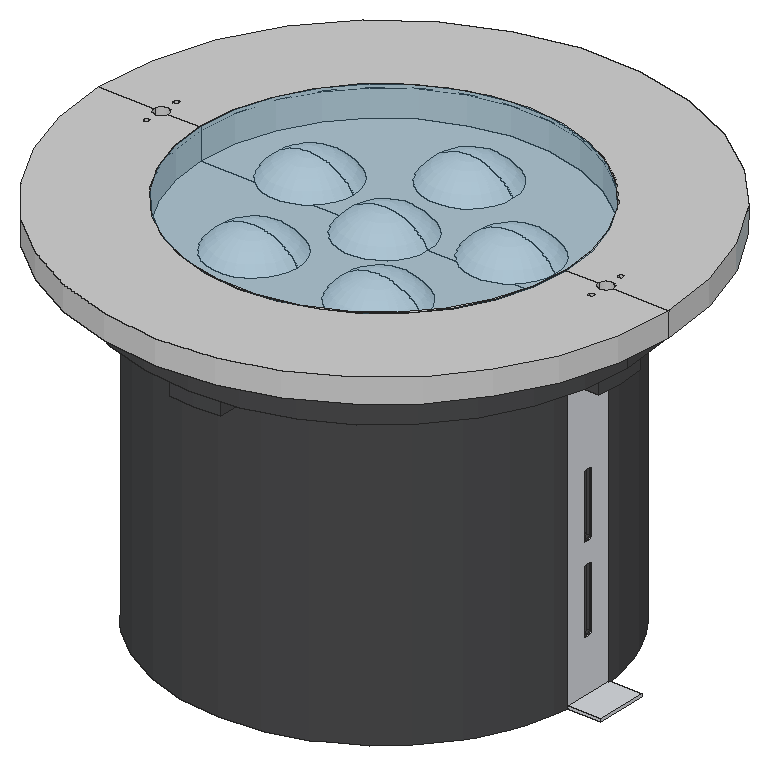
Revit family "INGROUND 18W SIMETRICA_EM18SW.1.30", category Luminarias, Revit 2019
Family settings
  Cota de conector redondo = Diámetro de uso
  Tipo de pieza = Normal
  Se basa en plano de trabajo = Sí
  Siempre vertical = No
  Corte con vacíos al cargar = No
  Origen de luz = Sí
  Compartido = No
  Punto de cálculo de habitación = No
Parameters (values of type "EMP_EM18SW.1.30")
  Ángulo de inclinación = 105.00°
  Ángulo de enfoque = 30.00°
  Ángulo de campo de foco = 30.00°
  Zone [instance] = ""
  Watt per fixture = 18.6
  Wattage = 18.6 W
  built-in parameter 1150107 = 3000 (stored number, unit not read)
  built-in parameter 1150110 = 1 (stored number, unit not read)
  built-in parameter 1150109 = 1 (stored number, unit not read)
  built-in parameter 1150112 = 1 (stored number, unit not read)
  built-in parameter 1150113 = 1 (stored number, unit not read)
  built-in parameter 1114218 = 1 (stored number, unit not read)
  Keynote = ""
  built-in parameter 1150137 = (empty or 0)
  built-in parameter 1150132 = (empty or 0)
  Modelo = "EM18SW.1.30"
  Lámpara = "NICHIA"
  Longitud de símbolo de origen de luz = 500 mm
  built-in parameter 1150105 = 10372 (stored number, unit not read)
  built-in parameter 1150102 = (empty or 0)
  built-in parameter 1150106 = 103.72 (stored number, unit not read)
  Lumens = 1604.99 lm
  Color Filter = 16777215
  built-in parameter 1114217 = 1 (stored number, unit not read)
  built-in parameter 1150139 = (empty or 0)
  Fabricante = "BRILLANT"
  Default Elevation = 0 mm
  built-in parameter 1150104 = 8.0166 (stored number, unit not read)
  Descripción = "LUMINARIA TIPO CIRCULAR PARA EMPOTRAR EN PISO CON CUERPO DE ALUMINIO FUNDIDO A PRESION CUBIERTO CON POLVO GRIS OSCURO, CON CUBIERTA DE ACERO INOXIDABLE Y VIDRIO TEMPLADO DE 8MM, HOUSING TIPO ABS DE 171.5MM DE DIAMETRO Y 123.6MM DE PROFUNDO. CUENTA CON 6 LED TIPO NICHIA CON UNA POTENCIA TOTAL DE 18.6W, A UNA TEMPERATURA EN BLANCO CALIDO 3000K CON 1605 LUMENES, 156mA EN CORRIENTE DE OPERACIÓN, IP67, IK09, IRC 80, DISPONIBLE PARA ATENUAR EN TRIAC (OPCIONAL), APERTURA EN 30 GRADOS EN STOCK, ALIMENTADA A 100-277V"
  built-in parameter 1150115 = 1 (stored number, unit not read)
  built-in parameter 1150114 = 1 (stored number, unit not read)
  Comentarios de vataje = "100-277V"
  built-in parameter 1150138 = (empty or 0)
  built-in parameter 1150134 = (empty or 0)
  Circuit [instance] = ""
  Dimming Lamp Color Temperature Shift = (empty or 0)
  built-in parameter 1150133 = 10 (stored number, unit not read)
Reference planes
  plane 1 "Centro (Frontal/Posterior)": y = 0
  plane 2: z = 0
  plane 3 "Centro (Izquierda/Derecha)": x = 0
  plane 4: z = -123.6
  plane 5: x = -653.678
  plane 6: x = 600
  plane 7: x = -90
  plane 8: x = 90
  plane 9: x = -78
  plane 10: x = 78
Forms (mm)
  Revolve 1, solid, material "Acero Inoxidable"
    sketch origin (0, 0, 0) x (1, 0, 0) y (0, 0, 1)
      loop
        line (-64.334, 7.629) -> (-100, 7.629) -> (-100, -0.88) -> (-72.479, -0.88) -> (-72.479, -12.767) -> (-57.479, -12.767) -> (-57.479, -60) -> (0, -60) -> (0, -3.134) -> (-64.334, -3.134) -> (-64.334, 7.629)
      axis (0, 7.629) -> (0, -60)
    angle from 0 to 360
  Extrusion 2, solid, material "Cristal"
    sketch origin (0, 0, 0) x (1, 0, 0) y (0, 1, 0)
      loop
        circle (0, 0) r 64.334
    from 6.498 to 7.824
  Extrusion 3, solid, material "Plastico"
    sketch origin (0, 0, 0) x (1, 0, 0) y (0, 1, 0)
      loop
        circle (0, 0) r 10
    from -75.376 to -67.99
  Extrusion 4, solid, material "Cobre"
    sketch origin (0, 0, 0) x (1, 0, 0) y (0, 1, 0)
      loop
        line (12.101, 0) -> (6.051, 10.48) -> (-6.051, 10.48) -> (-12.101, 0) -> (-6.051, -10.48) -> (6.051, -10.48) -> (12.101, 0)
    from -67.99 to -60
  Revolve 5, solid, material "Plastico"
    sketch origin (0, 0, 0) x (1, 0, 0) y (0, 0, 1)
      loop
        line (-85.75, -0.88) -> (-85.75, -15.267) -> (-72.423, -15.267) -> (-72.423, -123.6) -> (0, -123.6) -> (0, -121.1) -> (-69.88, -121.1) -> (-69.88, -12.767) -> (-83.293, -12.767) -> (-83.293, -0.88) -> (-85.75, -0.88)
      axis (0, -0.88) -> (0, -123.6)
    angle from 0 to 360
  Extrusion 6, solid, material "Plastico"
    sketch origin (0, 0, 0) x (1, 0, 0) y (0, 1, 0)
      loop
        line (-9, -71.918) -> (-9, -82.576)
        arc (-9, -82.576) -> (-0.003, -83.209) -> (9, -82.666) r 69.169
        line (9, -82.666) -> (9, -71.918)
        arc (9, -71.918) -> (0, -72.479) -> (-9, -71.918) r 72.479
      loop
        arc (-9, 71.918) -> (0, 72.479) -> (9, 71.918) r 72.479
        line (9, 71.918) -> (9, 82.666)
        arc (9, 82.666) -> (-0.003, 83.209) -> (-9, 82.576) r 69.169
        line (-9, 82.576) -> (-9, 71.918)
      loop
        line (71.917, -8.997) -> (82.575, -8.997)
        arc (82.575, -8.997) -> (83.209, 0) -> (82.666, 9.003) r 69.169
        line (82.666, 9.003) -> (71.917, 9.003)
        arc (71.917, 9.003) -> (72.478, 0.003) -> (71.917, -8.997) r 72.479
      loop
        arc (-71.917, -8.997) -> (-72.478, 0.003) -> (-71.917, 9.003) r 72.479
        line (-71.917, 9.003) -> (-82.666, 9.003)
        arc (-82.666, 9.003) -> (-83.209, 0) -> (-82.575, -8.997) r 69.169
        line (-82.575, -8.997) -> (-71.917, -8.997)
    from -21.197 to -15.267
  Extrusion 7, void
    sketch origin (0, 0, 0) x (1, 0, 0) y (0, 1, 0)
      loop
        line (-74.25, 9.003) -> (-74.25, -8.997) -> (-70.806, -8.997) -> (-70.806, 9.003) -> (-74.25, 9.003)
      loop
        line (74.25, 9.003) -> (70.806, 9.003) -> (70.806, -8.997) -> (74.25, -8.997) -> (74.25, 9.003)
    from -123.6 to -21.197
  Extrusion 8, void
    sketch origin (0, 0, 0) x (1, 0, 0) y (0, 1, 0)
      loop
        circle (-78, 6.504) r 0.895
      loop
        circle (-78, 0) r 2.557
      loop
        circle (-78, -6.504) r 0.895
      loop
        circle (78, 6.504) r 0.895
      loop
        circle (78, 0) r 2.557
      loop
        circle (78, -6.504) r 0.895
    from -3.838 to 7.824
  Revolve 9, solid
    sketch origin (31.265, 37.192, -3.091) x (-1, 0, 0) y (0, 0, 1)
      loop
        line (31.083, 0) -> (46.481, 0)
        arc (46.481, 0) -> (39.824, 6.053) -> (31.083, 8.187) r 18.242
        line (31.083, 8.187) -> (31.083, 0)
      axis (31.083, 8.187) -> (31.083, 0)
    angle from 0 to 360
  Extrusion 10, solid
    sketch origin (0, 0, 0) x (1, 0, 0) y (0, 0, 1)
      loop
        line (-70.806, -21.197) -> (-71.606, -21.197) -> (-71.606, -122.8) -> (-83.232, -122.8) -> (-83.232, -123.6) -> (-70.806, -123.6) -> (-70.806, -21.197)
      loop
        line (70.806, -21.197) -> (70.806, -123.6) -> (83.232, -123.6) -> (83.232, -122.8) -> (71.606, -122.8) -> (71.606, -21.197) -> (70.806, -21.197)
    from -9.003 to 8.997
  Extrusion 11, void
    sketch origin (0, 0, 0) x (0, 1, 0) y (0, 0, 1)
      loop
        line (1.004, -51.93) -> (-1.004, -51.93)
        arc (-1.004, -51.93) -> (-1.62, -52.185) -> (-1.875, -52.801) r 0.871
        line (-1.875, -52.801) -> (-1.875, -73.895)
        arc (-1.875, -73.895) -> (-1.62, -74.511) -> (-1.004, -74.766) r 0.871
        line (-1.004, -74.766) -> (1.004, -74.766)
        arc (1.004, -74.766) -> (1.62, -74.511) -> (1.875, -73.895) r 0.871
        line (1.875, -73.895) -> (1.875, -52.801)
        arc (1.875, -52.801) -> (1.62, -52.185) -> (1.004, -51.93) r 0.871
      loop
        line (1.004, -81.93) -> (-1.004, -81.93)
        arc (-1.004, -81.93) -> (-1.62, -82.185) -> (-1.875, -82.801) r 0.871
        line (-1.875, -82.801) -> (-1.875, -103.895)
        arc (-1.875, -103.895) -> (-1.62, -104.511) -> (-1.004, -104.766) r 0.871
        line (-1.004, -104.766) -> (1.004, -104.766)
        arc (1.004, -104.766) -> (1.62, -104.511) -> (1.875, -103.895) r 0.871
        line (1.875, -103.895) -> (1.875, -82.801)
        arc (1.875, -82.801) -> (1.62, -82.185) -> (1.004, -81.93) r 0.871
    from -74.158 to -68.356
  Extrusion 12, void
    sketch origin (0, 0, 0) x (0, 1, 0) y (0, 0, -1)
      loop
        arc (1.004, 51.93) -> (1.62, 52.185) -> (1.875, 52.801) r 0.871
        line (1.875, 52.801) -> (1.875, 73.895)
        arc (1.875, 73.895) -> (1.62, 74.511) -> (1.004, 74.766) r 0.871
        line (1.004, 74.766) -> (-1.004, 74.766)
        arc (-1.004, 74.766) -> (-1.62, 74.511) -> (-1.875, 73.895) r 0.871
        line (-1.875, 73.895) -> (-1.875, 52.801)
        arc (-1.875, 52.801) -> (-1.62, 52.185) -> (-1.004, 51.93) r 0.871
        line (-1.004, 51.93) -> (1.004, 51.93)
      loop
        arc (1.004, 81.93) -> (1.62, 82.185) -> (1.875, 82.801) r 0.871
        line (1.875, 82.801) -> (1.875, 103.895)
        arc (1.875, 103.895) -> (1.62, 104.511) -> (1.004, 104.766) r 0.871
        line (1.004, 104.766) -> (-1.004, 104.766)
        arc (-1.004, 104.766) -> (-1.62, 104.511) -> (-1.875, 103.895) r 0.871
        line (-1.875, 103.895) -> (-1.875, 82.801)
        arc (-1.875, 82.801) -> (-1.62, 82.185) -> (-1.004, 81.93) r 0.871
        line (-1.004, 81.93) -> (1.004, 81.93)
    from -74.158 to -68.356
  Revolve 13, solid
    sketch origin (66.637, 11.493, -3.091) x (-1, 0, 0) y (0, 0, 1)
      loop
        line (31.083, 0) -> (46.481, 0)
        arc (46.481, 0) -> (39.824, 6.053) -> (31.083, 8.187) r 18.242
        line (31.083, 8.187) -> (31.083, 0)
      axis (31.083, 8.187) -> (31.083, 0)
    angle from 0 to 360
  Revolve 14, solid
    sketch origin (53.126, -30.089, -3.091) x (-1, 0, 0) y (0, 0, 1)
      loop
        line (31.083, 0) -> (46.481, 0)
        arc (46.481, 0) -> (39.824, 6.053) -> (31.083, 8.187) r 18.242
        line (31.083, 8.187) -> (31.083, 0)
      axis (31.083, 8.187) -> (31.083, 0)
    angle from 0 to 360
  Revolve 15, solid
    sketch origin (9.405, -30.089, -3.091) x (-1, 0, 0) y (0, 0, 1)
      loop
        line (31.083, 0) -> (46.481, 0)
        arc (46.481, 0) -> (39.824, 6.053) -> (31.083, 8.187) r 18.242
        line (31.083, 8.187) -> (31.083, 0)
      axis (31.083, 8.187) -> (31.083, 0)
    angle from 0 to 360
  Revolve 16, solid
    sketch origin (-4.106, 11.493, -3.091) x (-1, 0, 0) y (0, 0, 1)
      loop
        line (31.083, 0) -> (46.481, 0)
        arc (46.481, 0) -> (39.824, 6.053) -> (31.083, 8.187) r 18.242
        line (31.083, 8.187) -> (31.083, 0)
      axis (31.083, 8.187) -> (31.083, 0)
    angle from 0 to 360
  Revolve 17, solid
    sketch origin (31.265, 0, -3.091) x (-1, 0, 0) y (0, 0, 1)
      loop
        line (31.083, 0) -> (46.481, 0)
        arc (46.481, 0) -> (39.824, 6.053) -> (31.083, 8.187) r 18.242
        line (31.083, 8.187) -> (31.083, 0)
      axis (31.083, 8.187) -> (31.083, 0)
    angle from 0 to 360
Cuts and joins
  Extrusion 7, Extrusion 12 cuts Revolve 5
  Extrusion 7, Extrusion 8, Extrusion 11 cuts Revolve 1
  Extrusion 11 cuts Extrusion 3
  Extrusion 11 cuts Extrusion 4
  Extrusion 11, Extrusion 12 cuts Extrusion 10
Dimensions and locks
  plane 2 to plane 4 = 123.6 mm
  level to plane 4 = 123.6 mm
  equal spacing: plane 7, plane 3 "Centro (Izquierda/Derecha)", plane 8
  plane 7 to plane 3 "Centro (Izquierda/Derecha)" = 90 mm
  plane 7 to plane 8 = 180 mm
  level to Extrusion 3 = 75.376 mm
  plane 8 to plane 7 = 180 mm
  equal spacing: plane 10, plane 3 "Centro (Izquierda/Derecha)", plane 9
  plane 3 "Centro (Izquierda/Derecha)" to plane 9 = 78 mm
  plane 10 to plane 9 = 156 mm
  plane 3 "Centro (Izquierda/Derecha)" to Revolve 5 sketch curve = 85.75 mm
  Revolve 1 sketch curve to Revolve 1 sketch curve = 100 mm
  aligned and locked: level to plane 2
Automatic sketch dimensions
  Revolve 1 sketch curve to plane 3 "Centro (Izquierda/Derecha)" = 0 mm  (x2)
  Revolve 1 sketch curve to level = 0.88 mm
  plane 9 to Revolve 1 sketch curve = 5.521 mm
  Revolve 1 sketch curve to level = 3.134 mm
  Revolve 1 sketch curve to Revolve 1 sketch curve = 8.145 mm
  Revolve 1 sketch curve to Revolve 1 sketch curve = 6.855 mm
  Revolve 1 sketch curve to Revolve 1 sketch curve = 9.634 mm
  Revolve 1 sketch curve to Revolve 1 sketch curve = 56.866 mm
  level to Revolve 1 sketch curve = 7.629 mm
  Revolve 1 sketch curve to Revolve 1 sketch curve = 17 mm
  level to Revolve 1 sketch curve = 40 mm
  plane 1 "Centro (Frontal/Posterior)" to Extrusion 2 sketch curve = 0 mm
  Extrusion 2 sketch curve to plane 3 "Centro (Izquierda/Derecha)" = 0 mm
  plane 1 "Centro (Frontal/Posterior)" to Extrusion 3 sketch curve = 0 mm
  Extrusion 3 sketch curve to plane 3 "Centro (Izquierda/Derecha)" = 0 mm
  Revolve 5 sketch curve to plane 4 = 0 mm
  Revolve 5 sketch curve to plane 3 "Centro (Izquierda/Derecha)" = 0 mm  (x2)
  Revolve 5 sketch curve to Revolve 5 sketch curve = 2.457 mm
  plane 9 to Revolve 5 sketch curve = 5.577 mm
  Revolve 5 sketch curve to Revolve 5 sketch curve = 2.544 mm
  plane 4 to Revolve 5 sketch curve = 2.5 mm
  Revolve 5 sketch curve to level = 15.267 mm
  Revolve 5 sketch curve to Revolve 5 sketch curve = 2.5 mm
  Revolve 5 sketch curve to level = 0.88 mm
  Revolve 5 sketch curve to plane 4 = 33.38 mm
  level to Revolve 5 sketch curve = 26.62 mm
  Extrusion 6 sketch curve to Extrusion 6 sketch curve = 0 mm  (x2)
  plane 1 "Centro (Frontal/Posterior)" to Extrusion 6 sketch curve = 0 mm
  Extrusion 6 sketch curve to plane 3 "Centro (Izquierda/Derecha)" = 0 mm  (x2)
  Extrusion 6 sketch curve to plane 3 "Centro (Izquierda/Derecha)" = 9 mm  (x2)
  Extrusion 6 sketch curve to plane 1 "Centro (Frontal/Posterior)" = 0.349 mm  (x2)
  Extrusion 6 sketch curve to plane 3 "Centro (Izquierda/Derecha)" = 14.041 mm
  plane 9 to Extrusion 6 sketch curve = 6.083 mm  (x2)
  Extrusion 6 sketch curve to plane 9 = 4.575 mm
  Extrusion 6 sketch curve to plane 9 = 4.666 mm
  plane 3 "Centro (Izquierda/Derecha)" to Extrusion 6 sketch curve = 0 mm
  plane 3 "Centro (Izquierda/Derecha)" to Extrusion 6 sketch curve = 0.346 mm  (x2)
  plane 3 "Centro (Izquierda/Derecha)" to Extrusion 6 sketch curve = 9 mm  (x2)
  plane 3 "Centro (Izquierda/Derecha)" to Extrusion 6 sketch curve = 14.041 mm
  Extrusion 6 sketch curve to plane 10 = 6.083 mm  (x2)
  plane 10 to Extrusion 6 sketch curve = 4.575 mm
  plane 10 to Extrusion 6 sketch curve = 4.666 mm
  plane 1 "Centro (Frontal/Posterior)" to Extrusion 6 sketch curve = 8.997 mm  (x2)
  plane 1 "Centro (Frontal/Posterior)" to Extrusion 6 sketch curve = 14.041 mm
  Extrusion 6 sketch curve to Extrusion 6 sketch curve = 57.877 mm  (x2)
  Extrusion 6 sketch curve to Extrusion 6 sketch curve = 10.658 mm  (x2)
  Extrusion 6 sketch curve to plane 1 "Centro (Frontal/Posterior)" = 14.041 mm
  plane 9 to Extrusion 7 sketch curve = 3.75 mm
  Extrusion 7 sketch curve to Extrusion 7 sketch curve = 3.444 mm  (x2)
  Extrusion 7 sketch curve to plane 10 = 7.194 mm
  plane 1 "Centro (Frontal/Posterior)" to Extrusion 7 sketch curve = 8.997 mm  (x2)
  Extrusion 7 sketch curve to plane 1 "Centro (Frontal/Posterior)" = 9.003 mm  (x2)
  plane 1 "Centro (Frontal/Posterior)" to Extrusion 8 sketch curve = 0 mm  (x2)
  Extrusion 8 sketch curve to plane 9 = 0 mm  (x3)
  Extrusion 8 sketch curve to plane 10 = 0 mm  (x3)
  plane 1 "Centro (Frontal/Posterior)" to Extrusion 8 sketch curve = 6.504 mm  (x2)
  Extrusion 8 sketch curve to plane 1 "Centro (Frontal/Posterior)" = 6.504 mm  (x2)
  plane 3 "Centro (Izquierda/Derecha)" to Revolve 9 sketch curve = 0.182 mm  (x2)
  plane 3 "Centro (Izquierda/Derecha)" to Revolve 9 sketch curve = 0.006 mm
  Revolve 9 sketch curve to level = 3.091 mm
  Revolve 9 sketch curve to plane 3 "Centro (Izquierda/Derecha)" = 15.216 mm
  Revolve 9 sketch curve to Revolve 9 sketch curve = 10.054 mm
  Revolve 9 sketch curve to Revolve 9 sketch curve = 1.925 mm
  Revolve 9 sketch curve to Revolve 9 sketch curve = 3.67 mm
  Extrusion 10 sketch curve to plane 4 = 0 mm  (x2)
  plane 4 to Extrusion 10 sketch curve = 0.8 mm  (x2)
  Extrusion 10 sketch curve to plane 9 = 5.232 mm
  plane 9 to Extrusion 10 sketch curve = 6.394 mm
  Extrusion 10 sketch curve to Extrusion 10 sketch curve = 0.8 mm  (x2)
  Extrusion 10 sketch curve to plane 10 = 7.194 mm
  plane 10 to Extrusion 10 sketch curve = 5.232 mm
  Extrusion 10 sketch curve to level = 21.197 mm  (x2)
  plane 1 "Centro (Frontal/Posterior)" to Extrusion 11 sketch curve = 1.875 mm  (x2)
  Extrusion 11 sketch curve to Extrusion 11 sketch curve = 0.871 mm  (x4)
  plane 1 "Centro (Frontal/Posterior)" to Extrusion 11 sketch curve = 1.004 mm  (x2)
  Extrusion 11 sketch curve to plane 1 "Centro (Frontal/Posterior)" = 1.004 mm  (x4)
  plane 4 to Extrusion 11 sketch curve = 18.834 mm
  Extrusion 11 sketch curve to Extrusion 11 sketch curve = 21.095 mm  (x2)
  Extrusion 11 sketch curve to Extrusion 11 sketch curve = 7.164 mm
  plane 1 "Centro (Frontal/Posterior)" to Extrusion 12 sketch curve = 1.875 mm  (x2)
  Extrusion 12 sketch curve to Extrusion 12 sketch curve = 0.871 mm  (x4)
  plane 1 "Centro (Frontal/Posterior)" to Extrusion 12 sketch curve = 1.004 mm  (x2)
  Extrusion 12 sketch curve to plane 1 "Centro (Frontal/Posterior)" = 1.004 mm  (x4)
  Extrusion 12 sketch curve to level = 51.93 mm
  Extrusion 12 sketch curve to Extrusion 12 sketch curve = 21.095 mm
  Extrusion 12 sketch curve to Extrusion 12 sketch curve = 7.164 mm
  plane 4 to Extrusion 12 sketch curve = 19.705 mm
  Revolve 13 sketch curve to level = 3.091 mm
  plane 3 "Centro (Izquierda/Derecha)" to Revolve 13 sketch curve = 35.554 mm
  Revolve 13 sketch curve to Revolve 13 sketch curve = 0.176 mm
  Revolve 13 sketch curve to Revolve 13 sketch curve = 15.398 mm
  Revolve 13 sketch curve to Revolve 13 sketch curve = 10.054 mm
  Revolve 13 sketch curve to Revolve 13 sketch curve = 0 mm
  Revolve 13 sketch curve to Revolve 13 sketch curve = 1.925 mm
  Revolve 13 sketch curve to Revolve 13 sketch curve = 3.67 mm
  Revolve 14 sketch curve to level = 3.091 mm
  plane 3 "Centro (Izquierda/Derecha)" to Revolve 14 sketch curve = 22.043 mm
  Revolve 14 sketch curve to Revolve 14 sketch curve = 0.176 mm
  plane 3 "Centro (Izquierda/Derecha)" to Revolve 14 sketch curve = 6.645 mm
  Revolve 14 sketch curve to Revolve 14 sketch curve = 10.054 mm
  Revolve 14 sketch curve to Revolve 14 sketch curve = 0 mm
  Revolve 14 sketch curve to Revolve 14 sketch curve = 1.925 mm
  Revolve 14 sketch curve to Revolve 14 sketch curve = 3.67 mm
  Revolve 15 sketch curve to level = 3.091 mm
  Revolve 15 sketch curve to plane 3 "Centro (Izquierda/Derecha)" = 21.679 mm
  Revolve 15 sketch curve to Revolve 15 sketch curve = 0.176 mm
  Revolve 15 sketch curve to Revolve 15 sketch curve = 15.398 mm
  Revolve 15 sketch curve to Revolve 15 sketch curve = 10.054 mm
  Revolve 15 sketch curve to Revolve 15 sketch curve = 0 mm
  Revolve 15 sketch curve to Revolve 15 sketch curve = 1.925 mm
  Revolve 15 sketch curve to Revolve 15 sketch curve = 3.67 mm
  Revolve 16 sketch curve to level = 3.091 mm
  Revolve 16 sketch curve to plane 3 "Centro (Izquierda/Derecha)" = 35.19 mm
  Revolve 16 sketch curve to Revolve 16 sketch curve = 0.176 mm
  Revolve 16 sketch curve to Revolve 16 sketch curve = 15.398 mm
  Revolve 16 sketch curve to Revolve 16 sketch curve = 10.054 mm
  Revolve 16 sketch curve to Revolve 16 sketch curve = 0 mm
  Revolve 16 sketch curve to Revolve 16 sketch curve = 1.925 mm
  Revolve 16 sketch curve to Revolve 16 sketch curve = 3.67 mm
  plane 3 "Centro (Izquierda/Derecha)" to Revolve 17 sketch curve = 0.182 mm  (x2)
  plane 3 "Centro (Izquierda/Derecha)" to Revolve 17 sketch curve = 0.006 mm
  Revolve 17 sketch curve to level = 3.091 mm
  Revolve 17 sketch curve to plane 3 "Centro (Izquierda/Derecha)" = 15.216 mm
  Revolve 17 sketch curve to Revolve 17 sketch curve = 10.054 mm
  Revolve 17 sketch curve to Revolve 17 sketch curve = 1.925 mm
  Revolve 17 sketch curve to Revolve 17 sketch curve = 3.67 mm
  radius of Extrusion 2 sketch curve = 64.334 mm
  radius of Extrusion 3 sketch curve = 10 mm
  radius of Extrusion 8 sketch curve = 0.895 mm  (x4)
  radius of Extrusion 8 sketch curve = 2.557 mm  (x2)
Connectors
  electrical at (0, 0, -121.1)
    settings: on cut or joined group of Revolve 5, Extrusion 7, Extrusion 12, index 1, voltage 277 V, apparent load 0 VA, apparent load phase1 0 VA, apparent load phase2 0 VA, apparent load phase3 0 VA, power factor 1, load classification "Otro", number of poles 1, system type 31, power factor state 1, is connector primary yes, connector utility no, sub classification motor no, connector description ""
